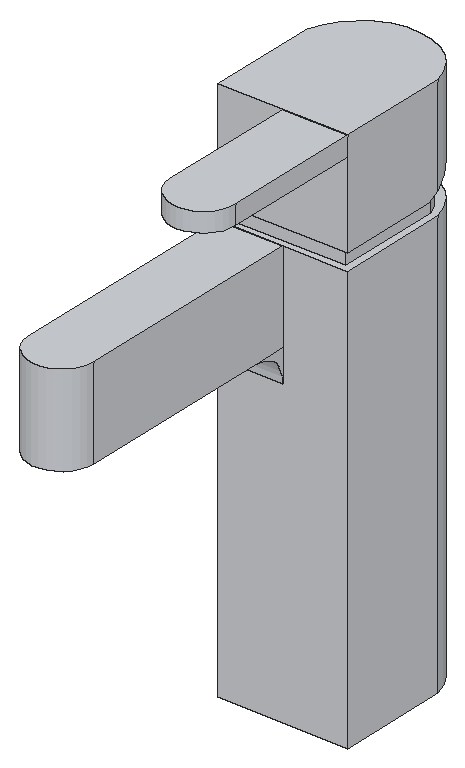
Revit family "01-3403-11-GRICOL MONOMANDO LAVAMANOS BAJO VICCTOR", category Plumbing Fixtures, host Face, Revit 2018
Family settings
  Host = Face
  Round Connector Dimension = Use Diameter
  Part Type = Normal
  OmniClass Number = 23.31.11.00
  Cut with Voids When Loaded = No
  Shared = No
  Room Calculation Point = No
Parameters (values of type "01-3403-11")
  Waste Water Outlet = ""
  Waste Connection = 1 = 0  # no
  Vent Connection = 1 = 0  # no
  URL = "https://www.gricol.com/"
  Type Image = <None>
  Product Name = "MONOMANDO LAVAMANOS BAJO VICCTOR\r"  # constant formula
  Plastico ABS Cromado = Plastico ABS Cromado
  Model = "01-3403-11"  # constant formula
  Metal Zamak Cromado = Metal Zamak Cromado
  Metal Laton Cromado = Metal Laton Cromado
  Manufacturer = "Gricol"  # constant formula
  Link Ficha Tecnica = "http://infotecnica.gricol.com/FT_01340311.pdf"
  Largo = 112 mm
  HW Connection = 1 = 1  # yes
  Description = "Griferia Monomando baño"  # constant formula
  Default Elevation = 0 mm
  Date Modified = ""
  Date Created = "05/28/2020"  # constant formula
  Copyright = "All rights reserved © Gricol - 2020."  # constant formula
  CW Connection = 1 = 1  # yes
  Assembly Code = ""
  Ancho = 33.712 mm
  Alto = 142.5 mm
Reference planes
  plane 1 "Center (Front/Back)": y = 0
  plane 2: z = 0
  plane 3 "Center (Left/Right)": x = 0
  plane 4: y = -87.175
  plane 5: x = -16.856
  plane 6: x = 16.856
  plane 7: y = -25.044
  plane 8: z = 59.35
  plane 9: z = 142.5
  plane 10: y = 24.825
Lines and regions (mm)
  Masking region 1
    outline origin (0, 0, 0) x (0, 1, 0) y (0, 0, 1)
      loop
        line (-17.681, 78.775) -> (-17.681, 0) -> (24.687, 0) -> (24.687, 110.837) -> (21.846, 110.837) -> (21.846, 121.481) -> (24.825, 123.201) -> (24.825, 142.5) -> (-17.681, 142.5) -> (-62.507, 142.5) -> (-62.507, 137.52) -> (-17.681, 137.52) -> (-17.681, 115.212) -> (-15.943, 115.212) -> (-15.943, 110.837) -> (-17.681, 110.837) -> (-87.175, 110.837) -> (-87.175, 87.042) -> (-25.948, 87.042)
        arc (-25.948, 87.042) -> (-20.102, 84.621) -> (-17.681, 78.775) r 8.267
  Masking region 2
    outline origin (0, 0, 0) x (1, 0, 0) y (0, 0, 1)
      loop
        line (-16.932, 142.5) -> (-16.932, 115.212) -> (-15.058, 115.212) -> (-15.058, 110.837) -> (-16.932, 110.837) -> (-16.932, 0) -> (16.856, 0) -> (16.856, 110.837) -> (14.969, 110.837) -> (14.969, 115.212) -> (16.856, 115.212) -> (16.856, 142.5) -> (-16.932, 142.5)
  Masking region 3
    outline origin (0, 0, 0) x (1, 0, 0) y (0, 1, 0)
      loop
        line (-16.932, 11.501) -> (-16.932, -17.681) -> (-16.932, -78.883)
        arc (-16.932, -78.883) -> (-8.485, -87.33) -> (-0.038, -78.883) r 8.447
        line (-0.038, -78.883) -> (-0.038, -54.059)
        arc (-0.038, -54.059) -> (8.409, -62.507) -> (16.856, -54.059) r 8.447
        line (16.856, -54.059) -> (16.856, -17.681) -> (16.856, 11.501)
        arc (16.856, 11.501) -> (-0.038, 24.687) -> (-16.932, 11.501) r 17.415
  symbolic lines
    curve 1: line (0, -17.681, 110.837) -> (0, 21.846, 110.837)
    curve 2: line (0, -17.681, 80.837) -> (0, -17.681, 110.837)
    curve 3: line (0, -15.943, 115.212) -> (0, 8.685, 115.212)
    curve 4: line (0, 8.685, 115.212) -> (0, 21.929, 122.255)
    curve 5: line (0, 8.685, 115.212) -> (0, 8.685, 142.5)
    curve 6: line (0, 11.881, 110.837) -> (0, 11.881, -0.097)
    curve 7: line (0, -17.681, 137.52) -> (0, -17.681, 142.5)
    curve 8: line (-15.058, 0, 115.212) -> (14.969, 0, 115.212)
    curve 9: line (-15.058, 0, 110.837) -> (14.969, 0, 110.837)
    curve 10: line (-0.045, 0, 110.837) -> (-0.045, 0, 78.808)
    curve 11: line (-0.045, 0, 78.808) -> (-16.809, 0, 78.808)
    curve 12: line (-16.932, 0, 87.042) -> (-0.045, 0, 87.042)
    curve 13: line (-0.038, 0, 142.5) -> (-0.038, 0, 137.52)
    curve 14: line (-0.038, 0, 137.52) -> (16.856, 0, 137.52)
    curve 15: line (-0.038, -54.059, 0) -> (-0.038, -17.681, 0)
    curve 16: line (16.856, -17.681, 0) -> (-16.932, -17.681, 0)
Dimensions and locks
  "Ancho": plane 5 to plane 6
  plane 8 to plane 9 = 83.15 mm
  plane 2 to plane 9 = 142.5 mm
  "Alto": plane 9 to plane 2
  "Largo": plane 10 to plane 4
  equal spacing: plane 5, plane 3 "Center (Left/Right)", plane 6
  aligned and locked: plane 2 to host face
  aligned and locked: level to host face
Automatic sketch dimensions
  host sketch curve to host sketch curve = 2438.4 mm  (x2)
  Masking region 1 sketch curve to plane 4 = 0 mm
  Masking region 1 sketch curve to level = 0 mm
  Masking region 1 sketch curve to plane 10 = 0 mm
  Masking region 1 sketch curve to plane 4 = 24.668 mm
  Masking region 1 sketch curve to plane 7 = 0.904 mm
  plane 7 to Masking region 1 sketch curve = 7.363 mm  (x3)
  Masking region 1 sketch curve to Masking region 1 sketch curve = 0 mm
  Masking region 1 sketch curve to Masking region 1 sketch curve = 1.738 mm
  plane 10 to Masking region 1 sketch curve = 2.979 mm
  plane 10 to Masking region 1 sketch curve = 0.137 mm
  Masking region 1 sketch curve to plane 8 = 19.425 mm
  plane 9 to Masking region 1 sketch curve = 31.663 mm
  Masking region 1 sketch curve to Masking region 1 sketch curve = 23.795 mm
  Masking region 1 sketch curve to Masking region 1 sketch curve = 4.375 mm
  Masking region 1 sketch curve to Masking region 1 sketch curve = 10.644 mm
  Masking region 1 sketch curve to Masking region 1 sketch curve = 4.98 mm
  Masking region 1 sketch curve to Masking region 1 sketch curve = 1.72 mm
  Masking region 1 sketch curve to plane 9 = 0 mm
  plane 9 to curve 7 = 0 mm
  plane 9 to curve 5 = 0 mm
  plane 7 to curve 1 = 7.363 mm
  curve 4 to plane 1 "Center (Front/Back)" = 8.685 mm
  plane 9 to curve 4 = 27.288 mm
  curve 1 to curve 3 = 4.375 mm
  plane 7 to curve 7 = 7.363 mm
  curve 1 to curve 3 = 1.738 mm
  curve 6 to level = 0.097 mm
  curve 6 to plane 1 "Center (Front/Back)" = 11.881 mm
  plane 10 to curve 1 = 2.979 mm
  plane 10 to curve 4 = 2.896 mm
  curve 7 to curve 7 = 4.98 mm
  curve 1 to curve 4 = 11.417 mm
  curve 2 to plane 8 = 21.487 mm
  Masking region 2 sketch curve to plane 9 = 0 mm
  Masking region 2 sketch curve to level = 0 mm
  Masking region 2 sketch curve to plane 6 = 0 mm  (x2)
  Masking region 2 sketch curve to plane 6 = 1.887 mm
  Masking region 2 sketch curve to plane 5 = 1.798 mm
  plane 5 to Masking region 2 sketch curve = 0.077 mm  (x2)
  Masking region 2 sketch curve to Masking region 2 sketch curve = 31.662 mm
  Masking region 2 sketch curve to Masking region 2 sketch curve = 0 mm
  Masking region 2 sketch curve to Masking region 2 sketch curve = 4.375 mm  (x2)
  curve 13 to plane 9 = 0 mm
  curve 14 to plane 6 = 0 mm
  curve 11 to plane 3 "Center (Left/Right)" = 0.045 mm
  curve 10 to plane 8 = 19.458 mm
  curve 8 to plane 6 = 1.887 mm
  curve 9 to plane 6 = 1.887 mm
  curve 14 to plane 3 "Center (Left/Right)" = 0.038 mm
  curve 8 to plane 5 = 1.798 mm
  curve 9 to plane 5 = 1.798 mm
  curve 11 to plane 5 = 0.047 mm
  plane 5 to curve 12 = 0.077 mm
  plane 9 to curve 14 = 4.98 mm
  curve 8 to curve 14 = 22.308 mm
  curve 9 to curve 8 = 4.375 mm
  curve 11 to curve 12 = 8.234 mm
  Masking region 3 sketch curve to plane 6 = 0 mm
  Masking region 3 sketch curve to plane 3 "Center (Left/Right)" = 0.038 mm  (x2)
  Masking region 3 sketch curve to plane 5 = 8.371 mm
  Masking region 3 sketch curve to plane 4 = 8.292 mm
  Masking region 3 sketch curve to plane 7 = 29.016 mm
  plane 7 to Masking region 3 sketch curve = 7.363 mm  (x2)
  Masking region 3 sketch curve to plane 1 "Center (Front/Back)" = 7.272 mm
  Masking region 3 sketch curve to plane 1 "Center (Front/Back)" = 11.501 mm
  curve 16 to plane 6 = 0 mm
  curve 15 to plane 3 "Center (Left/Right)" = 0.038 mm
  curve 15 to plane 7 = 29.016 mm
  plane 5 to curve 16 = 0.077 mm
  plane 7 to curve 15 = 7.363 mm
Nested families
  nested 1: "GRICOL MONOMANDO LAVAMANOS BAJO VICCTOR" at (-0.038, 4.688, 0), type "GRICOL MONOMANDO LAVAMANOS BAJO VICCTOR"
Connectors
  piping at (-8.827, 5.545, -1.193), diameter 12.7
    settings: on nested 1, index 1, connector inside diameter 24", connector length 0 mm, flow factor 0, pipe flow 0 GPM, pressure drop 0.00 psi, fitting loss kfactor 0, connector angle 0.00°, fixture units 0, engagement length 0 mm, angle of deflection 0.00°, flow configuration 0, flow direction 0, fitting loss method 0, system type 19, joint type 0, gender type 0, connector reference index -1, connector utility 0, adjustable connector no, is connector primary yes, connector description ""
  piping at (8.673, 5.545, -1.193), diameter 12.7
    settings: on nested 1, index 2, connector inside diameter 24", connector length 0 mm, flow factor 0, pipe flow 0 GPM, pressure drop 0.00 psi, fitting loss kfactor 0, connector angle 0.00°, fixture units 0, engagement length 0 mm, angle of deflection 0.00°, flow configuration 0, flow direction 0, fitting loss method 0, system type 20, joint type 0, gender type 0, connector reference index -1, connector utility 0, adjustable connector no, is connector primary no, connector description ""
Definition of nested family "GRICOL MONOMANDO LAVAMANOS BAJO VICCTOR"
  Parameters (values of type "GRICOL MONOMANDO LAVAMANOS BAJO VICCTOR")
    Material = none
  Reference planes
    plane 1 "Center (Front/Back)": y = 0
    plane 2: z = 0
    plane 3 "Center (Left/Right)": x = 0
    plane 4: y = -122.159
    plane 5: x = -32.544
    plane 6: z = 142.5
    plane 7: z = 69.85
    plane 8: y = 20
    plane 9: x = 32.544
    plane 10: x = 81.132
    plane 11: y = -13.862
    plane 12: x = -16.894
    plane 13: x = 16.894
    plane 14: z = 110.837
    plane 15: z = 135.482
    plane 16: y = -20.112
    plane 17: y = -87.633
    plane 18: z = 115.212
    plane 19: y = -92
    plane 20: y = 12.897
  Forms (mm)
    Extrusion 1, solid
      sketch origin (0, 0, 0) x (0, 1, 0) y (1, 0, 0)
        loop
          circle (0.857, -8.788) r 3.935
        loop
          circle (0.857, 8.712) r 3.935
      from 0 to 1.193
    Extrusion 2, solid
      sketch origin (0, 0, 0) x (1, 0, 0) y (0, 1, 0)
        loop
          line (-16.894, -22.368) -> (16.894, -22.368) -> (16.894, 6.813)
          arc (16.894, 6.813) -> (0, 20) -> (-16.894, 6.813) r 17.415
          line (-16.894, 6.813) -> (-16.894, -22.368)
      from 0 to 110.837
    Extrusion 3, solid
      sketch origin (-16.894, -22.368, 0) x (1, 0, 0) y (0, 0, 1)
        loop
          line (0, 87.042) -> (16.894, 87.042) -> (16.894, 110.837) -> (0, 110.837) -> (0, 87.042)
      from 0 to 71.599
    Extrusion 4, solid, material <- "Material"
      sketch origin (0, 0, 115.212) x (1, 0, 0) y (0, 1, 0)
        loop
          line (-16.894, -22.368) -> (16.894, -22.368) -> (16.894, 6.813)
          arc (16.894, 6.813) -> (0, 20) -> (-16.894, 6.813) r 17.415
          line (-16.894, 6.813) -> (-16.894, -22.368)
      from 0 to 27.287
    Extrusion 5, solid
      sketch origin (-16.894, -22.368, 115.212) x (1, 0, 0) y (0, 0, 1)
        loop
          line (16.894, 27.287) -> (16.894, 22.308) -> (33.788, 22.308) -> (33.788, 27.287) -> (16.894, 27.287)
      from 0 to 45.119
    Extrusion 6, void
      sketch origin (2.446, -20.493, 110.837) x (0, -1, 0) y (-1, 0, 0)
        loop
          arc (63.077, 19.34) -> (71.524, 10.893) -> (63.077, 2.446) r 8.447
          line (63.077, 2.446) -> (63.077, 0.788) -> (75.329, 0.788) -> (75.329, 20.788) -> (63.077, 20.788) -> (63.077, 19.34)
      from 0 to 30.516
    Extrusion 7, void
      sketch origin (0, -22.056, 142.5) x (0, 1, 0) y (1, 0, 0)
        loop
          arc (-36.691, 0) -> (-45.138, 8.447) -> (-36.691, 16.894) r 8.447
          line (-36.691, 16.894) -> (-36.691, 18.578) -> (-45.393, 18.578) -> (-45.393, -0.797) -> (-36.691, -0.797) -> (-36.691, 0)
      from 0 to 17.153
    Extrusion 8, solid, material <- "Material"
      sketch origin (0.007, 0, 0) x (1, 0, 0) y (0, 1, 0)
        loop
          line (-15.027, 7.194) -> (-15.027, -20.63) -> (15, -20.63) -> (15, 6.97)
          arc (15, 6.97) -> (0.062, 17.158) -> (-15.027, 7.194) r 16.224
      from 110.837 to 115.212
    Extrusion 9, solid
      sketch origin (-16.894, -21.346, 0) x (0, -1, 0) y (0, 0, 1)
        loop
          arc (1.022, 78.775) -> (3.444, 84.621) -> (9.289, 87.042) r 8.267
          line (9.289, 87.042) -> (1.022, 87.042) -> (1.022, 78.775)
      from -16.894 to 0
    Extrusion 10, void
      sketch origin (-16.894, 6.813, 115.212) x (0, 1, 0) y (0, 0, 1)
        loop
          line (-2.816, 0) -> (14.7, 0) -> (14.7, 9.314) -> (-2.816, 0)
      from -2.972 to 36.576
    Extrusion 11, solid, material <- "Material"
      sketch origin (0.007, 0, 115.212) x (1, 0, 0) y (0, 1, 0)
        loop
          line (-15.027, 7.194) -> (-15.027, 3.713) -> (15, 3.713) -> (15, 6.97)
          arc (15, 6.97) -> (0.062, 17.158) -> (-15.027, 7.194) r 16.224
      from 0 to 7.128
  Cuts and joins
    Extrusion 6, Extrusion 7 cuts Extrusion 3
    Extrusion 7 cuts Extrusion 5
    Extrusion 10 cuts Extrusion 4
    Extrusion 10 cuts Extrusion 8
  Dimensions and locks
    plane 5 to plane 9 = 65.088 mm
    plane 4 to plane 1 "Center (Front/Back)" = 122.159 mm
    plane 6 to plane 7 = 72.65 mm
    plane 6 to plane 2 = 142.5 mm
    plane 8 to plane 11 = 33.862 mm  (x2)
    plane 9 to plane 5 = 65.088 mm
    plane 11 to plane 8 = 33.862 mm
    plane 6 to level = 142.5 mm  (x4)
    plane 8 to plane 17 = 107.633 mm
    plane 13 to plane 12 = 33.788 mm
    plane 19 to plane 1 "Center (Front/Back)" = 92 mm
    plane 17 to plane 8 = 107.633 mm
    equal spacing: plane 13, plane 3 "Center (Left/Right)", plane 12
    plane 8 to plane 19 = 112 mm
    Extrusion 3 to level = 87.042 mm
    aligned and locked: plane 2 to level
  Automatic sketch dimensions
    Extrusion 1 sketch curve to Extrusion 1 sketch curve = 0 mm
    Extrusion 1 sketch curve to Extrusion 1 sketch curve = 17.5 mm
    Extrusion 2 sketch curve to plane 12 = 0 mm
    Extrusion 2 sketch curve to plane 13 = 0 mm
    plane 16 to Extrusion 2 sketch curve = 2.257 mm
    Extrusion 2 sketch curve to plane 1 "Center (Front/Back)" = 2.585 mm
    Extrusion 2 sketch curve to plane 1 "Center (Front/Back)" = 6.813 mm
    Extrusion 2 sketch curve to plane 3 "Center (Left/Right)" = 0 mm
    Extrusion 3 sketch curve to Extrusion 2 = 0 mm  (x2)
    Extrusion 2 to Extrusion 3 sketch curve = 16.894 mm
    Extrusion 2 to Extrusion 3 sketch curve = 23.795 mm
    Extrusion 4 sketch curve to Extrusion 4 sketch curve = 4.229 mm
    Extrusion 5 sketch curve to Extrusion 4 = 0 mm
    Extrusion 4 to Extrusion 5 sketch curve = 0 mm
    Extrusion 4 to Extrusion 5 sketch curve = 16.894 mm
    Extrusion 4 to Extrusion 5 sketch curve = 4.98 mm
    Extrusion 6 sketch curve to Extrusion 3 = 0 mm  (x2)
    Extrusion 3 to Extrusion 6 sketch curve = 10.397 mm
    Extrusion 6 sketch curve to Extrusion 3 = 1.855 mm
    Extrusion 3 to Extrusion 6 sketch curve = 1.447 mm
    Extrusion 6 sketch curve to Extrusion 3 = 1.659 mm
    Extrusion 7 sketch curve to Extrusion 5 = 0 mm  (x2)
    Extrusion 5 to Extrusion 7 sketch curve = 0.038 mm
    Extrusion 5 to Extrusion 7 sketch curve = 8.74 mm
    Extrusion 5 to Extrusion 7 sketch curve = 1.684 mm
    Extrusion 5 to Extrusion 7 sketch curve = 0.797 mm
    Extrusion 4 sketch curve to plane 12 = 0 mm
    Extrusion 4 sketch curve to plane 3 "Center (Left/Right)" = 0 mm
    Extrusion 4 sketch curve to plane 13 = 0 mm
    plane 16 to Extrusion 4 sketch curve = 2.257 mm
    Extrusion 4 sketch curve to plane 1 "Center (Front/Back)" = 2.585 mm
    plane 12 to Extrusion 8 sketch curve = 1.874 mm
    Extrusion 8 sketch curve to plane 3 "Center (Left/Right)" = 0.052 mm
    Extrusion 8 sketch curve to plane 13 = 1.887 mm
    plane 16 to Extrusion 8 sketch curve = 0.519 mm
    Extrusion 8 sketch curve to plane 1 "Center (Front/Back)" = 0.935 mm
    Extrusion 8 sketch curve to plane 20 = 5.927 mm
    Extrusion 9 sketch curve to Extrusion 2 = 0 mm
    Extrusion 2 to Extrusion 9 sketch curve = 8.267 mm
    Extrusion 2 to Extrusion 9 sketch curve = 32.062 mm
    Extrusion 11 sketch curve to Extrusion 8 = 0 mm  (x2)
    Extrusion 11 sketch curve to Extrusion 11 sketch curve = 3.258 mm
    Extrusion 4 to Extrusion 10 sketch curve = 0 mm
    Extrusion 10 sketch curve to Extrusion 4 = 2.816 mm
    Extrusion 4 to Extrusion 10 sketch curve = 14.7 mm
    Extrusion 10 sketch curve to Extrusion 4 = 9.314 mm
    radius of Extrusion 1 sketch curve = 3.935 mm  (x2)
    radius of Extrusion 11 sketch curve to Extrusion 8 = 0 mm
